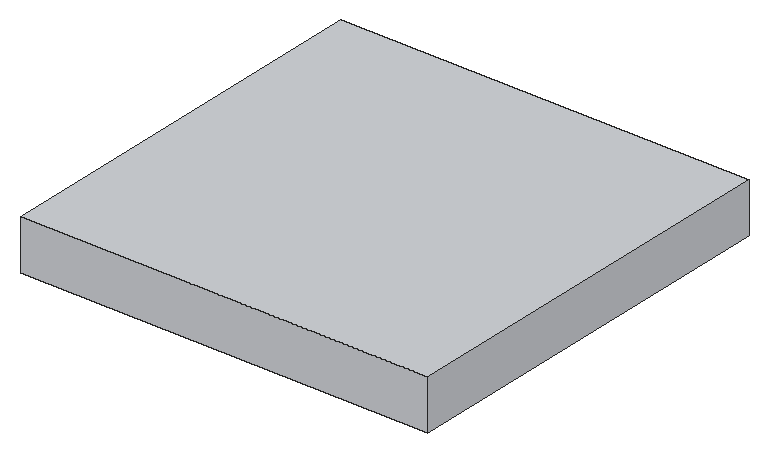
Revit family "TC - Base Wall Drop1.before-20261125-161432", category Data Devices, host Face, Revit 2024
Family settings
  Host = Face
  Round Connector Dimension = Use Diameter
  Part Type = Normal
  OmniClass Number = 23.85.50.17.11
  OmniClass Title = Computer Network Equipment
  Cut with Voids When Loaded = No
  Maintain Annotation Orientation = Yes
  Shared = Yes
  Room Calculation Point = No
Parameters (values of type "AC - 1 Port")
  TC Tagging Order [instance] = ""
  Symbol On/Off [instance] = yes
  Shade Right [instance] = yes
  Shade Left [instance] = no
  Mounting Type [instance] = "Wall"
  IDF Room [instance] = ""
  Floor [instance] = ""
  Elevation Tag - Rotate [instance] = no
  Elevation Tag [instance] = yes
  Data Elevation [instance] = ""
  Cable ID Tag - Right Rotate [instance] = no
  Cable ID Tag - Right [instance] = no
  Cable ID Tag [instance] = yes
  Cable ID Tag - Rotate [instance] = no
  # of Ports Tag - Rotate [instance] = no
  # of Ports Tag - Left Rotate [instance] = no
  # of Ports Tag - Left [instance] = no
  # of Ports Tag [instance] = yes
  Faceplate Width = 0' - 2 1/2"
  Faceplate Height = 0' - 4"
  Faceplate Depth = 0' - 0 3/16"
  Description = ""
  Default Elevation = 1' - 6"
  Cable ID Suffix = "AC"
  Backbox Width = 0' - 4"
  Backbox Height = 0' - 4"
  Backbox Depth = 0' - 2"
  Assembly Code = ""
  # of Ports = 1
Types (15): name | Mounting Type | Elevation Tag - Rotate | Elevation Tag | Cable ID Tag | Cable ID Tag - Rotate | # of Ports Tag - Rotate | # of Ports Tag | Default Elevation | Cable ID Suffix | # of Ports
  TD - 1 Port | "Wall" | no | yes | yes | no | no | yes | 1' - 6" | "TD" | 1
  TD - 2 Port | "Wall" | yes | no | no | yes | yes | no | 1' - 6" | "TD" | 2
  TD - 4 Port | "Wall" | no | yes | yes | no | no | yes | 1' - 6" | "TD" | 4
  RS - 1 Port | "Wall" | yes | no | no | yes | yes | no | 1' - 6" | "RS" | 1
  AV - 1 Port | "Wall" | no | yes | yes | no | no | yes | 1' - 6" | "AV" | 1
  AV - 2 Port | "Wall" | no | yes | yes | no | no | yes | 1' - 6" | "AV" | 2
  AC - 1 Port | "Wall" | no | yes | yes | no | no | yes | 1' - 6" | "AC" | 1
  AC - 2 Port | "Wall" | no | yes | yes | no | no | yes | 1' - 6" | "AC" | 2
  AV - 4 Port | "Wall" | no | yes | yes | no | no | yes | 7' - 6" | "AV" | 4
  TD - 3 Port | "Wall" | no | yes | yes | no | no | yes | 1' - 6" | "TD" | 3
  P - 2 Drop | "Wall" | yes | no | no | yes | yes | no | 1' - 6" | "P" | 2
  CAM 2 | "" | no | yes | yes | no | no | yes | 1' - 6" | "CM" | 1
  O 2 | "" | no | yes | yes | no | no | yes | 1' - 6" | "O" | 0
  AV 2 | "" | no | yes | yes | no | no | yes | 1' - 6" | "AV" | 0
  AC 2 | "" | no | yes | yes | no | no | yes | 1' - 6" | "AC" | 2
Reference planes (in)
  plane 1 "Center (Front/Back)": y = 0
  plane 2: z = 0
  plane 3 "Center (Left/Right)": x = 0
  plane 4 "Left Inside": x = -2
  plane 5 "Right Inside": x = 2
  plane 6 "Top Inside": y = 2
  plane 7 "Bottom Inside": y = -2
  plane 8 "Left Outside": x = -1.25
  plane 9 "Right Outside": x = 1.25
  plane 10 "Top Outside": y = 2
  plane 11 "Bottom Outside": y = -2
  plane 12 "Front": z = 0.1875
  plane 13 "Back": z = -2
Forms (in)
  Extrusion 1, solid
    sketch origin (0, 0, 0) x (1, 0, 0) y (0, 1, 0)
      loop
        line (-49.63881, 48) -> (-49.63881, -48) -> (48, -48) -> (48, 48) -> (-49.63881, 48)
    from 0 to -12
  Extrusion 2, solid, not visible, detail levels fine
    sketch origin (0, 0, 0) x (1, 0, 0) y (0, 1, 0)
      loop
        line (-2, 2) -> (-2, -2) -> (2, -2) -> (2, 2) -> (-2, 2)
    from -0.13408 to -2
  Extrusion 3, solid, not visible, detail levels fine
    sketch origin (0, 0, 0) x (1, 0, 0) y (0, 1, 0)
      loop
        line (-1.25, 2) -> (-1.25, -2) -> (1.25, -2) -> (1.25, 2) -> (-1.25, 2)
    from 0 to 0.1875
  Extrusion 4, solid, detail levels medium
    sketch origin (0, 0, 0) x (1, 0, 0) y (0, 1, 0)
      loop
        line (-1.25, 2) -> (-1.25, -2) -> (1.25, -2) -> (1.25, 2) -> (-1.25, 2)
    from -0.13408 to 0
Lines and regions (in)
  symbolic lines, detail levels fine
    curve 1: line (-1.25, 0, 0) -> (1.25, 0, 0)
    curve 2: line (-1.25, 0, 0.1875) -> (-1.25, 0, 0)
    curve 3: line (1.25, 0, 0.1875) -> (-1.25, 0, 0.1875)
    curve 4: line (1.25, 0, 0) -> (1.25, 0, 0.1875)
Dimensions and locks (in)
  equal spacing: plane 4 "Left Inside", plane 3 "Center (Left/Right)", plane 5 "Right Inside"
  "Backbox Width": plane 4 "Left Inside" to plane 5 "Right Inside"
  equal spacing: plane 6 "Top Inside", plane 1 "Center (Front/Back)", plane 7 "Bottom Inside"
  "Backbox Height": plane 6 "Top Inside" to plane 7 "Bottom Inside"
  equal spacing: plane 8 "Left Outside", plane 3 "Center (Left/Right)", plane 9 "Right Outside"
  "Faceplate Width": plane 8 "Left Outside" to plane 9 "Right Outside"
  equal spacing: plane 10 "Top Outside", plane 1 "Center (Front/Back)", plane 11 "Bottom Outside"
  "Faceplate Height": plane 10 "Top Outside" to plane 11 "Bottom Outside"
  "Faceplate Depth": plane 12 "Front" to plane 2
  "Backbox Depth": plane 2 to plane 13 "Back"
  aligned and locked: plane 2 to Extrusion 1
  aligned and locked: level to Extrusion 1
  aligned and locked: plane 4 "Left Inside" to Extrusion 2 sketch curve
  aligned and locked: Extrusion 2 sketch curve to plane 6 "Top Inside"
  aligned and locked: plane 7 "Bottom Inside" to Extrusion 2 sketch curve
  aligned and locked: Extrusion 2 sketch curve to plane 5 "Right Inside"
  aligned and locked: Extrusion 2 to plane 13 "Back"
  aligned and locked: plane 8 "Left Outside" to Extrusion 3 sketch curve
  aligned and locked: Extrusion 3 sketch curve to plane 10 "Top Outside"
  aligned and locked: plane 11 "Bottom Outside" to Extrusion 3 sketch curve
  aligned and locked: Extrusion 3 sketch curve to plane 9 "Right Outside"
  aligned and locked: plane 12 "Front" to Extrusion 3
  aligned and locked: plane 8 "Left Outside" to curve 2
  aligned and locked: curve 4 to plane 9 "Right Outside"
  aligned and locked: plane 12 "Front" to curve 3
  aligned and locked: curve 1 to level
  aligned and locked: plane 8 "Left Outside" to curve 1
  aligned and locked: Extrusion 4 to plane 8 "Left Outside"
  aligned and locked: plane 6 "Top Inside" to Extrusion 4
  aligned and locked: Extrusion 2 to Extrusion 4
Automatic sketch dimensions
  Extrusion 1 sketch curve to Extrusion 1 sketch curve = 8' - 1.63881"
  Extrusion 1 sketch curve to Extrusion 1 sketch curve = 8' - 0"
  Extrusion 4 sketch curve to plane 8 "Left Outside" = 0' - 0"
  Extrusion 4 sketch curve to plane 9 "Right Outside" = 0' - 0"
  Extrusion 4 sketch curve to plane 7 "Bottom Inside" = 0' - 0"
  Extrusion 4 sketch curve to plane 6 "Top Inside" = 0' - 0"
Nested families (in)
  nested 1: "TC_WALL DROP SYMBOL" at (0, 0, 0), Cable ID Suffix <- "Cable ID Suffix", # of Ports <- "# of Ports", Elevation Tag <- "Elevation Tag", Elevation Tag - Rotate <- "Elevation Tag - Rotate", # of Ports Tag <- "# of Ports Tag", Cable ID Tag <- "Cable ID Tag", Cable ID Tag - Rotate <- "Cable ID Tag - Rotate", visible <- "Symbol On/Off", Shade Left <- "Shade Left", Shade Right <- "Shade Right", # of Ports Tag - Left <- "# of Ports Tag - Left", # of Ports Tag - Left Rotate <- "# of Ports Tag - Left Rotate", Cable ID Tag - Right <- "Cable ID Tag - Right", Cable ID Tag - Right Rotate <- "Cable ID Tag - Right Rotate", # of Ports Tag - Rotate <- "# of Ports Tag - Rotate", Data Elevation <- "Data Elevation", type "TC_WALL DROP SYMBOL"
    with Shade Right yes, Shade Left no, Elevation Tag - Rotate no, Elevation Tag yes, Data Elevation "", Cable ID Tag - Rotate no, Cable ID Tag - Right Rotate no, Cable ID Tag - Right no, Cable ID Tag yes, Cable ID Suffix "AC", # of Ports Tag - Rotate no, # of Ports Tag - Left Rotate no, # of Ports Tag - Left no, # of Ports Tag yes, # of Ports 1
Connectors (in)
  electrical at (0, 2, -1.06704)
    settings: on Extrusion 2, index 1, voltage 0 V, apparent load 0 VA, apparent load phase1 0 VA, apparent load phase2 0 VA, apparent load phase3 0 VA, power factor 0, load classification "Other", number of poles 1, system type 5, power factor state 1, is connector primary yes, connector utility no, sub classification motor no, connector description ""
Definition of nested family "TC_WALL DROP SYMBOL"
  Parameters (values of type "TC_WALL DROP SYMBOL")
    Shade Right [instance] = yes
    Shade Left [instance] = no
    Elevation Tag - Rotate [instance] = no
    Elevation Tag [instance] = no
    Data Elevation [instance] = ""
    Cable ID Tag - Rotate [instance] = no
    Cable ID Tag - Right Rotate [instance] = no
    Cable ID Tag - Right [instance] = no
    Cable ID Tag [instance] = yes
    Cable ID Suffix [instance] = ""
    # of Ports Tag - Rotate [instance] = no
    # of Ports Tag - Left Rotate [instance] = no
    # of Ports Tag - Left [instance] = no
    # of Ports Tag [instance] = yes
    # of Ports [instance] = 0
  Reference planes (in)
    plane 1: y = 0
    plane 2: x = 0
  Lines and regions (in)
    Filled region 1, type "Solid Black", visible <- "Shade Right"
      outline origin (0, 0, 0) x (1, 0, 0) y (0, 1, 0)
        loop
          line (0, 0) -> (0.07679, 0.133) -> (0, 0.133) -> (0, 0)
    Filled region 2, type "Solid Black", visible <- "Shade Left"
      outline origin (0, 0, 0) x (1, 0, 0) y (0, 1, 0)
        loop
          line (0, 0) -> (0, 0.133) -> (-0.07679, 0.133) -> (0, 0)
    detail lines
      curve 1: line (-0.07679, 0.133, 0) -> (0.07679, 0.133, 0)
      curve 2: line (0.07679, 0.133, 0) -> (0, 0, 0)
      curve 3: line (-0.07679, 0.133, 0) -> (0, 0, 0)
      curve 4: line (-0.06693, 0, 0) -> (0.06693, 0, 0)
  Text (in)
    label "#" at (0.06898, 0.2146, 0), shows "# of Ports", visible <- "# of Ports Tag"
    label "ID" at (-0.08209, 0.2146, 0), shows "Cable ID Suffix", visible <- "Cable ID Tag"
    label "#" at (0.1093, 0.19382, 0), shows "# of Ports", visible <- "# of Ports Tag - Rotate"
    label "ID" at (-0.08666, 0.22124, 0), shows "Cable ID Suffix", visible <- "Cable ID Tag - Rotate"
    label "Data Elevation" at (0.17412, -0.12459, 0), shows "Data Elevation", visible <- "Elevation Tag - Rotate"
    label "Data Elevation" at (0.083, -0.04006, 0), shows "Data Elevation", visible <- "Elevation Tag"
    label "ID" at (0.11322, 0.2146, 0), shows "Cable ID Suffix", visible <- "Cable ID Tag - Right"
    label "ID" at (0.10866, 0.22124, 0), shows "Cable ID Suffix", visible <- "Cable ID Tag - Right Rotate"
    label "#" at (-0.1204, 0.2146, 0), shows "# of Ports", visible <- "# of Ports Tag - Left"
    label "#" at (-0.08009, 0.19382, 0), shows "# of Ports", visible <- "# of Ports Tag - Left Rotate"
